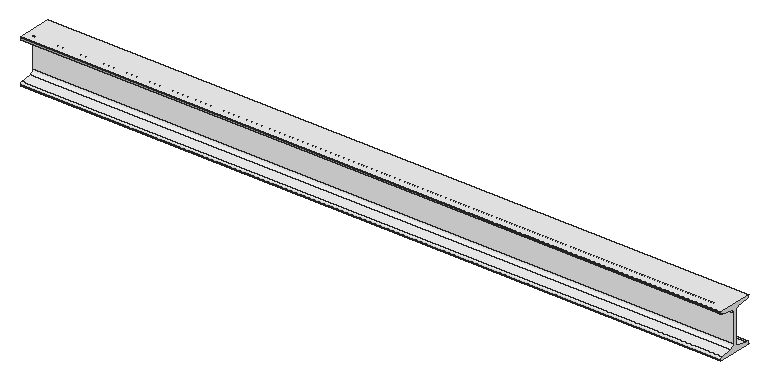
Revit family "VFC - Vigas com flange cônica", category Quadro estrutural, Revit 2019
Family settings
  Arredondamento do comprimento do framing estrutural = 1 mm
  Forma do corte = Não definido
  Material para o comportamento do modelo = Aço
  Exportar sempre como geometria = Não
  Sempre na vertical = Sim
  Corte com vazios quando carregada = Não
  Representação simbólica = Das configurações de projeto
  Compartilhado = Não
  Exibir o pré-corte da família na vista da planta = Sim
Parameters (values of type "I 80x8.5")
  tw = 4.32 mm
  tf = 6.6 mm
  r2 = 3.3 mm
  r1 = 6.6 mm
  ângulo = 8.00°
  W = 0.0085
  Structural Material [instance] = Metal - Aço - 250 MPa
  Assembly Code = ""
  Length [instance] = 1500 mm
  bf = 59.2 mm
  d = 76.2 mm
  A = 0.00108 m²
Reference planes
  plane 1 "Centro (Frente/Trás)": y = 0
  plane 2: z = 0
  plane 3 "Centro (Esquerda/Direita)": x = 4.61
  plane 4 "Membro esquerdo": x = -604.99
  plane 5 "Membro direito": x = 614.21
  plane 6: y = 29.6
  plane 7: y = -29.6
  plane 8 "Superior": z = 38.1
  plane 9: z = -38.1
  plane 10 "Direita": x = 766.61
  plane 11 "Esquerda": x = -733.39
Forms (mm)
  Sweep 1, solid, material "Metal - Aço - 250 MPa" <- "Structural Material", detail levels medium
    path origin (0, 0, 0) x (1, 0, 0) y (0, 1, 0)
      loop
        line (-604.99, 0) -> (614.21, 0)
    profile "VFC - Vigas com flange cônica - Perfil - Médio : VFC - Vigas com flange cônica - Perfil - Médio" origin (4.61, 0, 0) x (0, 1, 0) y (0, 0, 1)
      loop
        line (29.6, 33.428) -> (29.6, 38.1) -> (-29.6, 38.1) -> (-29.6, 33.428) -> (-15.88, 31.5) -> (-2.16, 29.572) -> (-2.16, -29.572) -> (-15.88, -31.5) -> (-29.6, -33.428) -> (-29.6, -38.1) -> (29.6, -38.1) -> (29.6, -33.428) -> (15.88, -31.5) -> (2.16, -29.572) -> (2.16, 29.572) -> (15.88, 31.5) -> (29.6, 33.428)
  Sweep 2, solid, material "Metal - Aço - 250 MPa" <- "Structural Material", detail levels fine
    path origin (0, 0, 0) x (1, 0, 0) y (0, 1, 0)
      loop
        line (-604.99, 0) -> (614.21, 0)
    profile "VFC - Vigas com flange cônica - Perfil - Alto : VFC - Vigas com flange cônica - Perfil - Alto" origin (4.61, 0, 0) x (0, 1, 0) y (0, 0, 1)
      loop
        line (29.6, 36.297) -> (29.6, 38.1) -> (-29.6, 38.1) -> (-29.6, 36.297)
        arc (-29.6, 36.297) -> (-28.791, 34.132) -> (-26.759, 33.029) r 3.3
        line (-26.759, 33.029) -> (-15.88, 31.5) -> (-7.841, 30.37)
        arc (-7.841, 30.37) -> (-3.779, 28.164) -> (-2.16, 23.834) r 6.6
        line (-2.16, 23.834) -> (-2.16, -23.834)
        arc (-2.16, -23.834) -> (-3.779, -28.164) -> (-7.841, -30.37) r 6.6
        line (-7.841, -30.37) -> (-15.88, -31.5) -> (-26.759, -33.029)
        arc (-26.759, -33.029) -> (-28.791, -34.132) -> (-29.6, -36.297) r 3.3
        line (-29.6, -36.297) -> (-29.6, -38.1) -> (29.6, -38.1) -> (29.6, -36.297)
        arc (29.6, -36.297) -> (28.791, -34.132) -> (26.759, -33.029) r 3.3
        line (26.759, -33.029) -> (15.88, -31.5) -> (7.841, -30.37)
        arc (7.841, -30.37) -> (3.779, -28.164) -> (2.16, -23.834) r 6.6
        line (2.16, -23.834) -> (2.16, 23.834)
        arc (2.16, 23.834) -> (3.779, 28.164) -> (7.841, 30.37) r 6.6
        line (7.841, 30.37) -> (15.88, 31.5) -> (26.759, 33.029)
        arc (26.759, 33.029) -> (28.791, 34.132) -> (29.6, 36.297) r 3.3
Lines and regions (mm)
  symbolic lines, style "HiddenStructuralFramingLines", detail levels medium+fine
    curve 1: line (-604.99, 2.16, 0) -> (614.21, 2.16, 0)
    curve 2: line (614.21, -2.16, 0) -> (-604.99, -2.16, 0)
  symbolic lines, style "Símbolos de vara", detail levels coarse
    curve 3: line (-733.39, -29.6, 38.1) -> (-733.39, 29.6, 38.1)
    curve 4: line (-733.39, 29.6, -38.1) -> (-733.39, -29.6, -38.1)
    curve 5: line (-733.39, 0, 38.1) -> (-733.39, 0, -38.1)
Dimensions and locks
  "bf": plane 6 to plane 7
  "d": plane 9 to plane 8 "Superior"
  equal spacing: plane 9, plane 2, plane 8 "Superior"
  equal spacing: plane 6, plane 1 "Centro (Frente/Trás)", plane 7
  "Length": plane 11 "Esquerda" to plane 10 "Direita"
  aligned and locked: plane 1 "Centro (Frente/Trás)" to Sweep 1 sketch curve
  aligned and locked: plane 1 "Centro (Frente/Trás)" to Sweep 2 sketch curve
  aligned and locked: curve 1 to Sweep 1
  aligned and locked: curve 2 to Sweep 1
  aligned and locked: curve 5 to plane 1 "Centro (Frente/Trás)"
  aligned and locked: plane 9 to Sweep 2
  aligned and locked: Sweep 2 to plane 8 "Superior"
  aligned and locked: plane 4 "Membro esquerdo" to Sweep 1 sketch curve
  aligned and locked: plane 5 "Membro direito" to Sweep 1 sketch curve
  aligned and locked: plane 4 "Membro esquerdo" to Sweep 2 sketch curve
  aligned and locked: plane 5 "Membro direito" to Sweep 2 sketch curve
  aligned and locked: plane 4 "Membro esquerdo" to curve 1
  aligned and locked: plane 5 "Membro direito" to curve 1
  aligned and locked: plane 4 "Membro esquerdo" to curve 2
  aligned and locked: plane 5 "Membro direito" to curve 2
Automatic sketch dimensions
  curve 3 to plane 6 = 0 mm
  curve 4 to plane 6 = 0 mm
  curve 4 to plane 7 = 0 mm
  curve 3 to plane 7 = 0 mm
  curve 4 to plane 9 = 0 mm
  curve 5 to plane 8 "Superior" = 0 mm
Types in the file's own list only (24): name | tw | tf | r2 | r1 | W | bf | d | A
  I 80x9.7 | 6 mm | 7 mm | 3 mm | 7 mm | 0.0097 | 61 mm | 76 mm | 0.00 m²
  I 80x11.2 | 9 mm | 7 mm | 3 mm | 7 mm | 0.0112 | 64 mm | 76 mm | 0.00 m²
  I 100x11.4 | 5 mm | 7 mm | 4 mm | 7 mm | 0.0114 | 68 mm | 102 mm | 0.00 m²
  I 100x12.7 | 6 mm | 7 mm | 4 mm | 7 mm | 0.0127 | 69 mm | 102 mm | 0.00 m²
  I 100x14.1 | 8 mm | 7 mm | 4 mm | 7 mm | 0.0141 | 71 mm | 102 mm | 0.00 m²
  I 100x15.6 | 10 mm | 7 mm | 4 mm | 7 mm | 0.0156 | 73 mm | 102 mm | 0.00 m²
  I 130x14.8 | 5 mm | 8 mm | 4 mm | 8 mm | 0.0148 | 76 mm | 127 mm | 0.00 m²
  I 130x18.2 | 9 mm | 8 mm | 4 mm | 8 mm | 0.0182 | 80 mm | 127 mm | 0.00 m²
  I 130x22.0 | 13 mm | 8 mm | 4 mm | 8 mm | 0.022 | 83 mm | 127 mm | 0.00 m²
  I 150x18.5 | 6 mm | 9 mm | 5 mm | 9 mm | 0.0185 | 85 mm | 152 mm | 0.00 m²
  I 150x22.0 | 9 mm | 9 mm | 5 mm | 9 mm | 0.022 | 88 mm | 152 mm | 0.00 m²
  I 150x25.7 | 12 mm | 9 mm | 5 mm | 9 mm | 0.0257 | 91 mm | 152 mm | 0.00 m²
  I 200x27.3 | 7 mm | 11 mm | 5 mm | 11 mm | 0.0273 | 102 mm | 203 mm | 0.00 m²
  I 200x30.5 | 9 mm | 11 mm | 5 mm | 11 mm | 0.0305 | 104 mm | 203 mm | 0.00 m²
  I 200x34.3 | 11 mm | 11 mm | 5 mm | 11 mm | 0.0343 | 106 mm | 203 mm | 0.00 m²
  I 200x38.0 | 14 mm | 11 mm | 5 mm | 11 mm | 0.038 | 108 mm | 203 mm | 0.00 m²
  I 250x37.7 | 8 mm | 13 mm | 6 mm | 13 mm | 0.0377 | 118 mm | 254 mm | 0.00 m²
  I 250x44.7 | 11 mm | 13 mm | 6 mm | 13 mm | 0.0447 | 122 mm | 254 mm | 0.01 m²
  I 250x52.1 | 15 mm | 13 mm | 6 mm | 13 mm | 0.0521 | 126 mm | 254 mm | 0.01 m²
  I 250x59.6 | 19 mm | 13 mm | 6 mm | 13 mm | 0.0596 | 129 mm | 254 mm | 0.01 m²
  I 310x60.6 | 12 mm | 17 mm | 8 mm | 17 mm | 0.0606 | 133 mm | 305 mm | 0.01 m²
  I 310x67.0 | 14 mm | 17 mm | 8 mm | 17 mm | 0.067 | 136 mm | 305 mm | 0.01 m²
  I 310x74.4 | 17 mm | 17 mm | 8 mm | 17 mm | 0.0744 | 139 mm | 305 mm | 0.01 m²
  I 310x81.9 | 21 mm | 17 mm | 8 mm | 17 mm | 0.0819 | 142 mm | 305 mm | 0.01 m²
